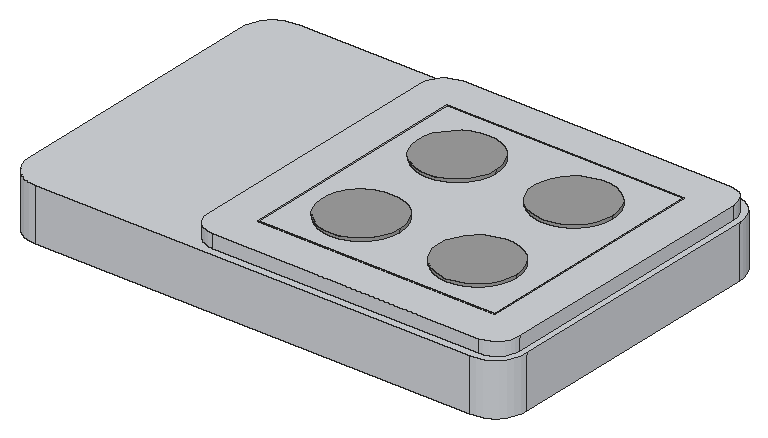
Revit family "Lighting-Industrial-GEWISS-SMART[4]HACCP_HIGHBAYS-LED_1M", category Apparecchi per illuminazione, Revit 2019
Family settings
  Quota connettore circolare = Usa diametro
  Tipo di parte = Normale
  Numero OmniClass = 23.80.00.00
  Titolo OmniClass = Electric Power and Lighting
  Basato su piano di lavoro = Sì
  Sempre verticale = No
  Taglio con vuoti quando caricato = No
  Sorgente d'illuminazione = No
  Condiviso = No
  Punto di calcolo locali = No
Parameters (values of type "GWS4120HQ857 - SMART4LB 1M ST.AL.ON/OFF HACCP ELL.57K")
  Wiring = "With GW connect watertight connector"
  Weight (kg): = "3,5"
  Warranty = "5 years"
  Voltaggio = 230 V
  Vetro acceso = Lampada accesa
  Version file RFA = "20.11"
  Unique digital code (Datamatrix) = "Datamatrix"
  Unified Glare Rating = "-"
  URL = "https://www.gewiss.com/ww/en"
  Type of light source = "LED - Not replaceable"
  Tilt- = "With bracket accessory"
  Technical sheet = "https://www.gewiss.com/ww/en/search?q=GWS4120HQ857"
  System power = "64W"
  Supply voltage = "220 - 240 V"
  Stocking temperature = "-40 +70 °C"
  Standards and approvals = "-"
  Standard- = "EN 60598-1 ; EN 60598-2-1 ; EN 60598-2-24"
  Standard Deviation Colour Matching = "SDCM = 3"
  Spostamento_Y_etichetta [instance] = 0 mm
  Spostamento_Y_effettivo_etichetta [instance] = 1500 mm - Spostamento_Y_etichetta  # 1500 mm
  Spostamento_X_etichetta [instance] = 0 mm
  Spostamento_X_effettivo_etichetta [instance] = 1500 mm - Spostamento_X_etichetta  # 1500 mm
  Shock resistance = "IK07"
  Shield type = "PMMA"
  SEO = "Low bay"
  Realized by GEWISS S.p.A. = ""
  Rated frequency (Hz) = "50/60 Hz"
  Produttore = "GEWISS S.p.A."
  Photobiological Risk Class = "RG0"
  Overvoltage protection = "DM 6 kV / CM 10 kV"
  Optic and illuminating features = "-"
  Optic Maintenance = "Non-replaceable"
  Optic : = "Metallic PC reflector and PMMA lenses"
  Optic = "Elliptical"
  Operating temperature : = "-30 +50 °C"
  Offset etichetta W [instance] = 120 mm
  Mouting and installation = "Ceiling - Wallmounting - Suspension"
  Modello = "GWS4120HQ857"
  Maximum surface exposed to the wind : = "0,097 m²"
  Materials = "-"
  Luminaire = "LED Industrial Reflector "
  Lumen output (lm) = "8200"
  Locking Hook = "-"
  Lifetime = "L90B10 (Tq+25°C) = 70.000 h - L90B10 (Tq+50°C) = 35.000 h"
  Lampada = "LED"
  LED Maintenance = "Non-replaceable"
  Insulation class = "I"
  Installationa and maintenance = "-"
  Immagine tipo = GWL1071.jpg
  IPEA = "-"
  IP degree = "IP65"
  IFC.TypeObject = ""
  IFC.ExportType = ""
  IFC.ExportAs = ""
  IDT = "8fe07a2459ab4c5aa29e4443c45cb0ac"
  IDF = "2cd222cb-74f5-4215-88ec-aa36ab53bbab"
  Glow Wire Test : = "650 °C"
  General information = "-"
  Gasket = "anti-aging silicone"
  Fixing = "-"
  External screw = "Stainless steel"
  Etichetta wattaggio [instance] = yes
  Default Elevation = 1219.2 mm
  Trasformatore = none
  Spessore plafoniera = 40 mm  # constant formula
  Proiettsmart [instance] = yes
  Raggio led = 30 mm  # constant formula
  Plafoniera = none
  Eletrical and lighting features = "-"
  Electrocod = "2444"
  Efficiency (lm/W) = "128"
  Driver Box = "Built-in"
  Driver = "Included"
  Device with reduced surface temperature = "Yes"
  Descrizione = "SMART[4]LB 1M ST.AL.ON/OFF HACCP ELL.57K"
  DIN 18032-3 certification = "-"
  Control System : = "ON / OFF"
  Control System = "ON / OFF"
  Context = "Lighting of logistical and industrial food productive premises"
  Commenti sul wattaggio = "50W"
  Colour temperature = "5700K"
  Colour : = "Grey RAL 7035"
  Colour = "Grey RAL 7035"
  Color Rendering Index = "CRI-80"
  Classificazione = Lighting
  Classification: = "-"
  Catalogue = "LIGHTING"
  Carico apparente = 50 VA
  Motore = none
  Lunghezza = 383 mm  # constant formula
  Larghezza = 253 mm  # constant formula
  Distanza tot_plafoniera = 74 mm  # constant formula
  Dettaglio bidimensionale attivo [instance] = not(Proiettsmart)  # no
  COBie.Tagnumber = ""
  COBie.CreatedOn = ""
  COBie.CreatebBy = ""
  COBie.ComponentRegisterItemID = ""
  COBie.Component.TagNumber = ""
  COBie.Component.Space = ""
  COBie.Component.SerialNumber = ""
  COBie.Component.InstallationDate = ""
  COBie.Component.Description = ""
  COBie.Component.BarCode = ""
  Body = "PA6 \"Halogen Free\" loaded fibreglass"
  Application = "Internal"
Types (12, lengths in mm): name | Unified Glare Rating | Technical sheet | SEO | Optic : | Optic | Modello | Lumen output (lm) | IDT | Efficiency (lm/W) | Descrizione | Context | Colour temperature
  GWS4120HA840 - SMART4LB 1M ST.AL.ON/OFF HACCP ARR.40K | "-" | "https://www.gewiss.com/ww/en/search?q=GWS4120HA840" | "" | "Metallized polycarbonate reflector" | "Array" | "GWS4120HA840" | "9200" | "64779c1a353844fa85b21fcfd2d3ad69" | "144" | "SMART[4]LB 1M ST.AL.ON/OFF HACCP ARR.40K" | "Logistics and industrial manufacturing lighting" | "4000K"
  GWS4120HA857 - SMART4LB 1M ST.AL.ON/OFF HACCP ARR.57K | "-" | "https://www.gewiss.com/ww/en/search?q=GWS4120HA857" | "" | "Metallized polycarbonate reflector" | "Array" | "GWS4120HA857" | "9200" | "d2e9b46c7df5434c9dcbc8e9d3e292f7" | "144" | "SMART[4]LB 1M ST.AL.ON/OFF HACCP ARR.57K" | "Lighting of logistical and industrial food productive premises" | "5700K"
  GWS4120HC840 - SMART4LB 1M ST.AL.ON/OFF HACCP ASI.40K | "-" | "https://www.gewiss.com/ww/en/search?q=GWS4120HC840" | "Low bay" | "Metallic PC reflector and PMMA lenses" | "Asymmetrical" | "GWS4120HC840" | "8200" | "cc3803c253e94be79c33c41beae386f9" | "128" | "SMART[4]LB 1M ST.AL.ON/OFF HACCP ASI.40K" | "Lighting of logistical and industrial food productive premises" | "4000K"
  GWS4120HC857 - SMART4LB 1M ST.AL.ON/OFF HACCP ASI.57K | "-" | "https://www.gewiss.com/ww/en/search?q=GWS4120HC857" | "Low bay" | "Metallic PC reflector and PMMA lenses" | "Asymmetrical" | "GWS4120HC857" | "8200" | "51095ef6f3c245ecbce13db46b082a12" | "128" | "SMART[4]LB 1M ST.AL.ON/OFF HACCP ASI.57K" | "Lighting of logistical and industrial food productive premises" | "5700K"
  GWS4120HF840 - SMART4LB 1M ST.AL.ON/OFF HACCP 30° 40K | "UGR - 22" | "https://www.gewiss.com/ww/en/search?q=GWS4120HF840" | "" | "Metallic PC reflector and PMMA lenses" | "30°" | "GWS4120HF840" | "9000" | "7448575afc6e413d8b3729eab335b15d" | "141" | "SMART[4]LB 1M ST.AL.ON/OFF HACCP 30° 40K" | "Lighting of logistical and industrial food productive premises" | "4000K"
  GWS4120HF857 - SMART4LB 1M ST.AL.ON/OFF HACCP 30° 57K | "UGR - 22" | "https://www.gewiss.com/ww/en/search?q=GWS4120HF857" | "" | "Metallic PC reflector and PMMA lenses" | "30°" | "GWS4120HF857" | "9000" | "b40cf41466b7435fa95f6d480f5897f1" | "141" | "SMART[4]LB 1M ST.AL.ON/OFF HACCP 30° 57K" | "Lighting of logistical and industrial food productive premises" | "5700K"
  GWS4120HH840 - SMART4LB 1M ST.AL.ON/OFF HACCP 60° 40K | "UGR - 25" | "https://www.gewiss.com/ww/en/search?q=GWS4120HH840" | "" | "Metallic PC reflector and PMMA lenses" | "60°" | "GWS4120HH840" | "9200" | "d113adf619a946149ce800923951d6e5" | "144" | "SMART[4]LB 1M ST.AL.ON/OFF HACCP 60° 40K" | "Lighting of logistical and industrial food productive premises" | "4000K"
  GWS4120HH857 - SMART4LB 1M ST.AL.ON/OFF HACCP 60° 57K | "UGR - 25" | "https://www.gewiss.com/ww/en/search?q=GWS4120HH857" | "" | "Metallic PC reflector and PMMA lenses" | "60°" | "GWS4120HH857" | "9200" | "529d36e3122c4a2bafa9e49a5362ab10" | "144" | "SMART[4]LB 1M ST.AL.ON/OFF HACCP 60° 57K" | "Lighting of logistical and industrial food productive premises" | "5700K"
  GWS4120HP840 - SMART4LB 1M ST.AL.ON/OFF HACCP 90° 40K | "UGR - 25" | "https://www.gewiss.com/ww/en/search?q=GWS4120HP840" | "" | "Metallic PC reflector and PMMA lenses" | "90°" | "GWS4120HP840" | "9200" | "3b5550c560804356a5ccbaa816da70c1" | "144" | "SMART[4]LB 1M ST.AL.ON/OFF HACCP 90° 40K" | "Lighting of logistical and industrial food productive premises" | "4000K"
  GWS4120HP857 - SMART4LB 1M ST.AL.ON/OFF HACCP 90° 57K | "UGR - 25" | "https://www.gewiss.com/ww/en/search?q=GWS4120HP857" | "" | "Metallic PC reflector and PMMA lenses" | "90°" | "GWS4120HP857" | "9200" | "f04bef9c87ae445cabaf5588a78d1b02" | "144" | "SMART[4]LB 1M ST.AL.ON/OFF HACCP 90° 57K" | "Lighting of logistical and industrial food productive premises" | "5700K"
  GWS4120HQ840 - SMART4LB 1M ST.AL.ON/OFF HACCP ELL.40K | "-" | "https://www.gewiss.com/ww/en/search?q=GWS4120HQ840" | "Low bay" | "Metallic PC reflector and PMMA lenses" | "Elliptical" | "GWS4120HQ840" | "8200" | "364ccec2db3b4a31bb7c3fb52bb25248" | "128" | "SMART[4]LB 1M ST.AL.ON/OFF HACCP ELL.40K" | "Lighting of logistical and industrial food productive premises" | "4000K"
  GWS4120HQ857 - SMART4LB 1M ST.AL.ON/OFF HACCP ELL.57K | "-" | "https://www.gewiss.com/ww/en/search?q=GWS4120HQ857" | "Low bay" | "Metallic PC reflector and PMMA lenses" | "Elliptical" | "GWS4120HQ857" | "8200" | "8fe07a2459ab4c5aa29e4443c45cb0ac" | "128" | "SMART[4]LB 1M ST.AL.ON/OFF HACCP ELL.57K" | "Lighting of logistical and industrial food productive premises" | "5700K"
Reference planes
  plane 1 "Centro (Fronte/Retro)": y = 0
  plane 2: z = 0
  plane 3 "Centro (Sinistra/Destra)": x = 0
  plane 4: x = -191.5
  plane 5: y = 126.5
  plane 6: x = 191.5
  plane 7: y = -126.5
  plane 8: z = -74
  plane 9: x = -175.5
  plane 10: y = -110.5
  plane 11: y = 110.5
  plane 12: x = -60.5
  plane 13: y = 121.5
  plane 14: x = 186.5
  plane 15: y = -120
  plane 16: z = 74
  plane 17: z = 84
  plane 18: z = 86
  plane 19: x = -1500
  plane 20: y = -1500
  plane 21: x = 0
  plane 22: y = 0
Dimensions and locks
  equal spacing: plane 5, plane 1 "Centro (Fronte/Retro)", plane 7
  equal spacing: plane 4, plane 3 "Centro (Sinistra/Destra)", plane 6
  "Lunghezza": plane 4 to plane 6
  "Larghezza": plane 5 to plane 7
  locked: plane 14 to plane 6 at 5
  locked: plane 5 to plane 13 at 5
  nested 3 to plane 8 = 133.058 mm
  locked: plane 4 to plane 9 at 16
  "Offset etichetta W": plane 1 "Centro (Fronte/Retro)" to plane 15
  "Distanza tot_plafoniera": plane 16 to level
  locked: plane 18 to plane 17 at 2
  plane 19 to plane 3 "Centro (Sinistra/Destra)" = 1500 mm
  plane 1 "Centro (Fronte/Retro)" to plane 20 = 1500 mm
  "Spostamento_Y_effettivo_etichetta": plane 22 to plane 20
  "Spostamento_X_effettivo_etichetta": plane 19 to plane 21
  aligned and locked: level to plane 2
  aligned and locked: plane 4 to nested 1
  aligned and locked: plane 6 to nested 1
  aligned and locked: plane 5 to nested 1
  aligned and locked: plane 7 to nested 1
  aligned and locked: plane 14 to nested 2
  aligned and locked: plane 1 "Centro (Fronte/Retro)" to nested 10
  aligned and locked: nested 3 to plane 2
  aligned and locked: plane 16 to nested 1
  aligned and locked: plane 1 "Centro (Fronte/Retro)" to nested 8
  aligned and locked: plane 1 "Centro (Fronte/Retro)" to nested 1
  aligned and locked: plane 1 "Centro (Fronte/Retro)" to nested 2
  aligned and locked: nested 2 to plane 16
  aligned and locked: nested 4 to plane 18
  aligned and locked: plane 18 to nested 6
  aligned and locked: nested 7 to plane 18
  aligned and locked: plane 18 to nested 5
  aligned and locked: nested 9 to plane 22
  aligned and locked: plane 21 to nested 9
Nested families
  nested 1: "Struttura_SMART[4] LB - 2+2 L" at (0, 0, 74), type "SMART Lab (4) 4L"
  nested 2: "mascherina_SMART (4)" at (66.5, 0, 84), type "Maschera_smart (4) 4L", detail levels medium+fine
  nested 3: "Staffa SMART LAB 4" at (65, -20, 59.058) x (0, 1, 0) z (0, 0, -1), type "Staffa SMART LAB 4", detail levels medium+fine
  nested 4: "Gewis - Led" at (20.25, 44.75, 86), type "Gewis - Led", detail levels fine
  nested 5: "Gewis - Led" at (109.75, 44.75, 86) x (-1, 0, 0) z (0, 0, 1), type "Gewis - Led", detail levels fine
  nested 6: "Gewis - Led" at (20.25, -47.75, 86), type "Gewis - Led", detail levels fine
  nested 7: "Gewis - Led" at (109.75, -47.75, 86) x (-1, 0, 0) z (0, 0, 1), type "Gewis - Led", detail levels fine
  nested 8: "Rappr_bidimensionale_SMART[4] LB 4L" at (40, 0, 0), visible <- "Dettaglio bidimensionale attivo", type "SMART[4] LB 4L_bidimensionalerfa"
  nested 9: "ETICHETTA LIGHT" at (0, 0, 0), visible <- "Etichetta wattaggio", type "ETICHETTA LIGHT"
  nested 10: "PROIETTSMART " at (-32.162, 0, 0), visible <- "Proiettsmart", type "PROIETTSMART "
Connectors
  electrical at (0.009, -0.098, 34), driven by "Classificazione", driven by "Carico apparente"
    settings: on nested 1, index 1, voltage 230 V, apparent load 0 VA, apparent load phase1 50 VA, apparent load phase2 0 VA, apparent load phase3 0 VA, power factor 1, load classification "Lighting", number of poles 2, system type 31, power factor state 1, is connector primary yes, connector utility no, sub classification motor no, connector description ""
Definition of nested family "Struttura_SMART[4] LB - 2+2 L"
  Parameters (values of type "SMART Lab (4) 4L")
    Struttura plafoniera = none
    Spessore_plafoniera = 40 mm
    Lunghezza = 383 mm
    Larghezza = 253 mm
  Reference planes
    plane 1 "Asse sorgente illuminazione (F/B)": y = 0
    plane 2: z = 0
    plane 3 "Asse sorgente illuminazione (L/R)": x = 0
    plane 4 "Prospetto sorgente di illuminazione": z = -40
    plane 5 "SX": x = -191.5
    plane 6 "DX": x = 191.5
    plane 7 "DIETRO": y = 126.5
    plane 8 "AVANTI": y = -126.5
    plane 9: x = -51.5
    plane 10: x = 180.5
    plane 11: y = -115.5
    plane 12: y = 115.5
    plane 13: x = -180.5
    plane 14: x = 51.5
  Forms (mm)
    Extrusion 1, solid, material <- "Struttura plafoniera"
      sketch origin (0, 0, 0) x (1, 0, 0) y (0, 1, 0)
        loop
          line (191.5, -102.095) -> (191.5, 102.09)
          arc (191.5, 102.09) -> (184.35, 119.35) -> (167.09, 126.5) r 24.41
          line (167.09, 126.5) -> (-167.009, 126.5)
          arc (-167.009, 126.5) -> (-184.554, 119.1) -> (-191.5, 101.371) r 24.499
          line (-191.5, 101.371) -> (-191.5, -102.092)
          arc (-191.5, -102.092) -> (-184.351, -119.351) -> (-167.092, -126.5) r 24.408
          line (-167.092, -126.5) -> (167.117, -126.5)
          arc (167.117, -126.5) -> (184.334, -119.368) -> (191.465, -102.152) r 24.348
      from -40 to 0
  Dimensions and locks
    equal spacing: plane 5 "SX", plane 3 "Asse sorgente illuminazione (L/R)", plane 6 "DX"
    equal spacing: plane 7 "DIETRO", plane 1 "Asse sorgente illuminazione (F/B)", plane 8 "AVANTI"
    "Lunghezza": plane 5 "SX" to plane 6 "DX"
    "Larghezza": plane 7 "DIETRO" to plane 8 "AVANTI"
    locked: plane 7 "DIETRO" to plane 12 at 11
    locked: plane 11 to plane 8 "AVANTI" at 11
    locked: plane 10 to plane 6 "DX" at 11
    locked: plane 9 to plane 10 at 232
    plane 13 to plane 14 = 232 mm
    locked: plane 5 "SX" to plane 13 at 11
    "Spessore_plafoniera": plane 2 to plane 4 "Prospetto sorgente di illuminazione"
    aligned and locked: level to plane 2
    aligned and locked: Extrusion 1 to plane 5 "SX"
    aligned and locked: Extrusion 1 to plane 8 "AVANTI"  (x2)
    aligned and locked: plane 7 "DIETRO" to Extrusion 1
    aligned and locked: plane 6 "DX" to Extrusion 1
    aligned and locked: plane 4 "Prospetto sorgente di illuminazione" to Extrusion 1
    aligned and locked: plane 2 to Extrusion 1
  Automatic sketch dimensions
    Extrusion 1 sketch curve to plane 5 "SX" = 0 mm
    Extrusion 1 sketch curve to plane 8 "AVANTI" = 0 mm
    Extrusion 1 sketch curve to plane 7 "DIETRO" = 0 mm
    Extrusion 1 sketch curve to plane 6 "DX" = 0 mm
    plane 13 to Extrusion 1 sketch curve = 13.408 mm
    plane 13 to Extrusion 1 sketch curve = 13.491 mm
    Extrusion 1 sketch curve to plane 10 = 13.41 mm
    Extrusion 1 sketch curve to plane 10 = 13.383 mm
    plane 11 to Extrusion 1 sketch curve = 13.348 mm
    Extrusion 1 sketch curve to plane 12 = 14.129 mm
    Extrusion 1 sketch curve to Extrusion 1 sketch curve = 0.056 mm
Definition of nested family "mascherina_SMART (4)"
  Parameters (values of type "Maschera_smart (4) 4L")
    Spessore_mascherina = 10 mm
    Default Elevation = 1219.2 mm
    N.intarsi = (Lunghezza_mascherina - (Bordo * 2)) / 15 mm  # 12
    N._intarsi verticale = (Larghezza_mascherina - (Bordo * 2)) / 17 mm  # 11
    Mascherina = none
    Lunghezza_mascherina = 240 mm
    Larghezza_mascherina = 240 mm
    Distanza_intarsi v. = 41 mm  # constant formula
    Distanza_intarsi = 37 mm  # constant formula
    Bordo = 29 mm
  Reference planes
    plane 1 "Centro (Fronte/Retro)": y = 0
    plane 2: z = 0
    plane 3 "Centro (Sinistra/Destra)": x = 0
    plane 4: x = -120
    plane 5 "Dietro": y = 120
    plane 6: x = 120
    plane 7: y = -120
    plane 8: x = -91
    plane 9: y = -91
    plane 10: x = 91
    plane 11: y = 91
    plane 12: x = -83
    plane 13: y = 94.742
    plane 14: y = -95
    plane 15: z = -10
    plane 16: x = -95
    plane 17: y = 79
    plane 18: y = -79
    plane 19: x = 95
    plane 20: z = -4.799
  Forms (mm)
    Extrusion 1, solid, material <- "Mascherina"
      sketch origin (0, 0, 0) x (1, 0, 0) y (0, 1, 0)
        loop
          arc (-102.5, 120) -> (-114.874, 114.874) -> (-120, 102.5) r 17.5
          line (-120, 102.5) -> (-120, -102.5)
          arc (-120, -102.5) -> (-114.874, -114.874) -> (-102.5, -120) r 17.5
          line (-102.5, -120) -> (102.5, -120)
          arc (102.5, -120) -> (114.874, -114.874) -> (120, -102.5) r 17.5
          line (120, -102.5) -> (120, 102.5)
          arc (120, 102.5) -> (114.874, 114.874) -> (102.5, 120) r 17.5
          line (102.5, 120) -> (-102.5, 120)
        loop
          line (-91, 91) -> (-91, -91) -> (91, -91) -> (91, 91) -> (-91, 91)
      from -10 to 0
    Extrusion 2, solid, material <- "Mascherina"
      sketch origin (0, 0, 0) x (1, 0, 0) y (0, 1, 0)
        loop
          line (-91, 91) -> (-91, -91) -> (91, -91) -> (91, 91) -> (-91, 91)
      from -4.799 to 0
  Dimensions and locks
    equal spacing: plane 4, plane 3 "Centro (Sinistra/Destra)", plane 6
    "Lunghezza_mascherina": plane 4 to plane 6
    equal spacing: plane 5 "Dietro", plane 1 "Centro (Fronte/Retro)", plane 7
    "Larghezza_mascherina": plane 5 "Dietro" to plane 7
    "Bordo": plane 4 to plane 8
    "Bordo": plane 9 to plane 7
    "Bordo": plane 5 "Dietro" to plane 11
    "Bordo": plane 10 to plane 6
    "Distanza_intarsi": plane 4 to plane 12
    locked: plane 13 to plane 11 at 3.742
    "Spessore_mascherina": plane 2 to plane 15
    "Distanza_intarsi v.": plane 5 "Dietro" to plane 17
    "Distanza_intarsi v.": plane 18 to plane 7
    locked: plane 9 to plane 14 at 4
    locked: plane 16 to plane 8 at 4
    locked: plane 10 to plane 19 at 4
    locked: plane 2 to plane 20 at 4.799
    radius of Extrusion 1 sketch curve = 17.5 mm  (x4)
    aligned and locked: level to plane 2
    aligned and locked: plane 4 to Extrusion 1 sketch curve
    aligned and locked: plane 6 to Extrusion 1 sketch curve
    aligned and locked: Extrusion 1 sketch curve to plane 5 "Dietro"
    aligned and locked: Extrusion 1 sketch curve to plane 7
    aligned and locked: Extrusion 1 sketch curve to plane 11
    aligned and locked: plane 8 to Extrusion 1 sketch curve
    aligned and locked: plane 9 to Extrusion 1 sketch curve
    aligned and locked: Extrusion 1 sketch curve to plane 10
    aligned and locked: plane 2 to Extrusion 1
    aligned and locked: Extrusion 1 to plane 15
    aligned and locked: Extrusion 2 sketch curve to plane 10
    aligned and locked: plane 9 to Extrusion 2 sketch curve
    aligned and locked: plane 8 to Extrusion 2 sketch curve
    aligned and locked: Extrusion 2 sketch curve to plane 11
    aligned and locked: plane 2 to Extrusion 2
    aligned and locked: Extrusion 2 to plane 20
Definition of nested family "Staffa SMART LAB 4"
  Parameters (values of type "Staffa SMART LAB 4")
    Staffa = none
    Default Elevation = 1219.2 mm
  Reference planes
    plane 1 "Centro (Fronte/Retro)": y = 0
    plane 2: z = 0
    plane 3 "Centro (Sinistra/Destra)": x = 0
    plane 4: y = 25
    plane 5: y = -25
    plane 6: x = -480
    plane 7: x = 480
    plane 8: z = 340
  Forms (mm)
    Extrusion 1, solid, material <- "Staffa"
      sketch origin (-19.427, 0, 0) x (1, 0, 0) y (0, 0, 1)
        loop
          line (-52.112, 0) -> (-51.312, 0) -> (-51.312, 5.038) -> (-51.312, 7.679) -> (-48.064, 11.553) -> (-48.309, 20.832)
          arc (-48.309, 20.832) -> (-48.108, 21.384) -> (-47.585, 21.651) r 0.801
          line (-47.585, 21.651) -> (-46.541, 21.744)
          arc (-46.541, 21.744) -> (-45.388, 22.346) -> (-44.998, 23.587) r 1.701
          line (-44.998, 23.587) -> (-45.225, 26.168) -> (-47.881, 28.39) -> (-47.881, 32.971) -> (-23.475, 58.058) -> (62.329, 58.058) -> (86.735, 32.971) -> (86.735, 28.39) -> (84.08, 26.168) -> (83.852, 23.587)
          arc (83.852, 23.587) -> (84.243, 22.346) -> (85.396, 21.744) r 1.701
          line (85.396, 21.744) -> (86.439, 21.651)
          arc (86.439, 21.651) -> (86.963, 21.384) -> (87.163, 20.832) r 0.801
          line (87.163, 20.832) -> (86.919, 11.553) -> (90.167, 7.679) -> (90.167, 5.038) -> (90.167, 0) -> (90.967, 0) -> (90.967, 5.038) -> (90.967, 7.979) -> (87.921, 11.618) -> (88.163, 20.806)
          arc (88.163, 20.806) -> (87.71, 22.048) -> (86.531, 22.647) r 1.801
          line (86.531, 22.647) -> (85.484, 22.74)
          arc (85.484, 22.74) -> (85.009, 22.988) -> (84.849, 23.499) r 0.701
          line (84.849, 23.499) -> (85.039, 25.667) -> (87.735, 27.923) -> (87.735, 32.876) -> (86.947, 34.187) -> (62.751, 59.058) -> (-23.897, 59.058) -> (-48.093, 34.187) -> (-48.881, 32.876) -> (-48.881, 27.923) -> (-46.185, 25.667) -> (-45.994, 23.499)
          arc (-45.994, 23.499) -> (-46.155, 22.988) -> (-46.63, 22.74) r 0.701
          line (-46.63, 22.74) -> (-47.676, 22.647)
          arc (-47.676, 22.647) -> (-48.856, 22.048) -> (-49.308, 20.806) r 1.801
          line (-49.308, 20.806) -> (-49.066, 11.618) -> (-52.112, 7.979) -> (-52.112, 5.038) -> (-52.112, 0)
      from -25 to 25
  Dimensions and locks
    equal spacing: plane 6, plane 3 "Centro (Sinistra/Destra)", plane 7
    equal spacing: plane 4, plane 1 "Centro (Fronte/Retro)", plane 5
    plane 4 to plane 5 = 50 mm
    plane 6 to plane 7 = 960 mm
    aligned and locked: level to plane 2
    aligned and locked: plane 4 to Extrusion 1
    aligned and locked: Extrusion 1 to plane 5
  Automatic sketch dimensions
    Extrusion 1 sketch curve to Extrusion 1 sketch curve = 0 mm  (x10)
    Extrusion 1 sketch curve to level = 0 mm  (x2)
    level to Extrusion 1 sketch curve = 5.038 mm
    Extrusion 1 sketch curve to plane 3 "Centro (Sinistra/Destra)" = 71.54 mm
    Extrusion 1 sketch curve to Extrusion 1 sketch curve = 0.8 mm  (x2)
    level to Extrusion 1 sketch curve = 20.806 mm  (x2)
    Extrusion 1 sketch curve to Extrusion 1 sketch curve = 2.804 mm
    level to Extrusion 1 sketch curve = 11.618 mm  (x2)
    Extrusion 1 sketch curve to Extrusion 1 sketch curve = 2.246 mm  (x2)
    Extrusion 1 sketch curve to Extrusion 1 sketch curve = 0.428 mm
    level to Extrusion 1 sketch curve = 20.832 mm  (x2)
    Extrusion 1 sketch curve to Extrusion 1 sketch curve = 1 mm  (x4)
    Extrusion 1 sketch curve to Extrusion 1 sketch curve = 0.788 mm
    level to Extrusion 1 sketch curve = 11.553 mm  (x2)
    Extrusion 1 sketch curve to Extrusion 1 sketch curve = 1.002 mm  (x2)
    level to Extrusion 1 sketch curve = 22.647 mm  (x2)
    Extrusion 1 sketch curve to Extrusion 1 sketch curve = 0.632 mm
    level to Extrusion 1 sketch curve = 21.651 mm  (x2)
    Extrusion 1 sketch curve to Extrusion 1 sketch curve = 0.092 mm  (x2)
    Extrusion 1 sketch curve to Extrusion 1 sketch curve = 0.984 mm
    level to Extrusion 1 sketch curve = 22.74 mm  (x2)
    Extrusion 1 sketch curve to Extrusion 1 sketch curve = 0.062 mm
    level to Extrusion 1 sketch curve = 21.744 mm  (x2)
    Extrusion 1 sketch curve to Extrusion 1 sketch curve = 0.088 mm
    Extrusion 1 sketch curve to Extrusion 1 sketch curve = 0.507 mm
    level to Extrusion 1 sketch curve = 23.499 mm  (x2)
    Extrusion 1 sketch curve to Extrusion 1 sketch curve = 0.698 mm  (x2)
    Extrusion 1 sketch curve to Extrusion 1 sketch curve = 0.96 mm  (x2)
    level to Extrusion 1 sketch curve = 23.587 mm  (x2)
    Extrusion 1 sketch curve to plane 3 "Centro (Sinistra/Destra)" = 43.324 mm
    Extrusion 1 sketch curve to Extrusion 1 sketch curve = 0.422 mm  (x2)
    plane 3 "Centro (Sinistra/Destra)" to Extrusion 1 sketch curve = 42.902 mm
    Extrusion 1 sketch curve to Extrusion 1 sketch curve = 21.523 mm
    level to Extrusion 1 sketch curve = 26.168 mm
    Extrusion 1 sketch curve to Extrusion 1 sketch curve = 0.227 mm
    Extrusion 1 sketch curve to Extrusion 1 sketch curve = 0.996 mm
    level to Extrusion 1 sketch curve = 25.667 mm
    Extrusion 1 sketch curve to Extrusion 1 sketch curve = 0.548 mm
    Extrusion 1 sketch curve to Extrusion 1 sketch curve = 0.966 mm
    Extrusion 1 sketch curve to Extrusion 1 sketch curve = 0.077 mm
    level to Extrusion 1 sketch curve = 28.39 mm
    Extrusion 1 sketch curve to Extrusion 1 sketch curve = 1.696 mm
    Extrusion 1 sketch curve to Extrusion 1 sketch curve = 0.557 mm
    level to Extrusion 1 sketch curve = 34.187 mm
    Extrusion 1 sketch curve to Extrusion 1 sketch curve = 0.212 mm
    Extrusion 1 sketch curve to Extrusion 1 sketch curve = 0.801 mm
    level to Extrusion 1 sketch curve = 7.679 mm
    Extrusion 1 sketch curve to Extrusion 1 sketch curve = 2.641 mm  (x2)
    Extrusion 1 sketch curve to Extrusion 1 sketch curve = 0.3 mm  (x2)
    Extrusion 1 sketch curve to Extrusion 1 sketch curve = 2.168 mm
    Extrusion 1 sketch curve to Extrusion 1 sketch curve = 0.501 mm
    Extrusion 1 sketch curve to Extrusion 1 sketch curve = 0.467 mm  (x2)
    Extrusion 1 sketch curve to Extrusion 1 sketch curve = 2.256 mm
    Extrusion 1 sketch curve to Extrusion 1 sketch curve = 4.486 mm
    Extrusion 1 sketch curve to Extrusion 1 sketch curve = 1.311 mm
    Extrusion 1 sketch curve to Extrusion 1 sketch curve = 0.095 mm  (x2)
    Extrusion 1 sketch curve to Extrusion 1 sketch curve = 1.216 mm
    Extrusion 1 sketch curve to Extrusion 1 sketch curve = 23.87 mm
Definition of nested family "Gewis - Led"
  Parameters (values of type "Gewis - Led")
    Vetro = none
    Raggio led = 30 mm
    Default Elevation = 1219.2 mm
    Estensione vetro = 3 mm
  Reference planes
    plane 1 "Centro (Fronte/Retro)": y = 0
    plane 2: z = 0
    plane 3 "Centro (Sinistra/Destra)": x = 0
  Forms (mm)
    Extrusion 1, solid, material <- "Vetro"
      sketch origin (0, 0, 0) x (1, 0, 0) y (0, 1, 0)
        loop
          circle (0, 0) r 30
      from -3 to 0
  Dimensions and locks
    "Estensione vetro": level to Extrusion 1
    "Raggio led": radius of Extrusion 1 sketch curve
    aligned and locked: level to plane 2
    aligned and locked: level to Extrusion 1
  Automatic sketch dimensions
    plane 1 "Centro (Fronte/Retro)" to Extrusion 1 sketch curve = 0 mm
    Extrusion 1 sketch curve to plane 3 "Centro (Sinistra/Destra)" = 0 mm
Definition of nested family "Rappr_bidimensionale_SMART[4] LB 4L"
  Reference planes
    plane 1 "Centro (Fronte/Retro)": y = 0
    plane 2: z = 0
    plane 3 "Centro (Sinistra/Destra)": x = 0
  Lines and regions (mm)
    model lines, in view "Livello rif."
      curve 1: circle (-20.568, 47.057, 0) r 28.619 normal (0, 0, 1)
      curve 2: circle (73.432, -46.943, 0) r 28.619 normal (0, 0, 1)
      curve 3: circle (-20.568, -46.943, 0) r 28.619 normal (0, 0, 1)
      curve 4: circle (73.432, 47.057, 0) r 28.619 normal (0, 0, 1)
      curve 5: arc (-93.068, -104.009, 0) -> (-88.529, -114.969, 0) -> (-77.568, -119.509, 0) r 15.5
      curve 6: arc (145.932, 103.991, 0) -> (141.392, 114.952, 0) -> (130.432, 119.491, 0) r 15.5
      curve 7: arc (-77.568, 119.491, 0) -> (-88.529, 114.952, 0) -> (-93.068, 103.991, 0) r 15.5
      curve 8: arc (130.432, -119.509, 0) -> (141.392, -114.969, 0) -> (145.932, -104.009, 0) r 15.5
      curve 9: arc (152.721, 103.991, 0) -> (146.196, 119.749, 0) -> (130.441, 126.281, 0) r 22.29
      curve 10: arc (130.443, -126.298, 0) -> (146.197, -119.766, 0) -> (152.721, -104.009, 0) r 22.29
      curve 11: arc (-230.358, -108, 0) -> (-225, -120.942, 0) -> (-212.058, -126.298, 0) r 18.29
      curve 12: arc (-212.077, 126.281, 0) -> (-225.001, 120.924, 0) -> (-230.358, 108, 0) r 18.29
      curve 13: line (-66.068, -92.509, 0) -> (-66.068, 92.491, 0)
      curve 14: line (-66.068, 92.491, 0) -> (118.932, 92.491, 0)
      curve 15: line (118.932, 92.491, 0) -> (118.932, -92.509, 0)
      curve 16: line (118.932, -92.509, 0) -> (-66.068, -92.509, 0)
      curve 17: line (-77.568, -119.509, 0) -> (130.432, -119.509, 0)
      curve 18: line (-77.568, 119.491, 0) -> (130.432, 119.491, 0)
      curve 19: line (-93.068, 103.991, 0) -> (-93.068, -104.009, 0)
      curve 20: line (145.932, 103.991, 0) -> (145.932, -104.009, 0)
      curve 21: line (-212.077, 126.281, 0) -> (130.441, 126.281, 0)
      curve 22: line (152.721, 103.991, 0) -> (152.721, -104.009, 0)
      curve 23: line (130.443, -126.298, 0) -> (-212.058, -126.298, 0)
      curve 24: line (-230.358, -108, 0) -> (-230.358, 108, 0)
Definition of nested family "ETICHETTA LIGHT"
  Parameters (values of type "ETICHETTA LIGHT")
    COMMENTI = "53W"
  Reference planes
    plane 1: y = 0
    plane 2: x = 0
  Text (mm)
    label "COMMENTI" at (-0.057, 0.105, 0), shows "COMMENTI"
Definition of nested family "PROIETTSMART "
  Reference planes
    plane 1 "Centro (Fronte/Retro)": y = 0
    plane 2: z = 0
    plane 3 "Centro (Sinistra/Destra)": x = 0
  Lines and regions (mm)
    model lines, in view "Livello rif."
      curve 1: line (120.593, -21.515, 0) -> (77.393, -0.008, 0)
      curve 2: line (77.393, -0.008, 0) -> (120.593, 21.758, 0)
      curve 3: line (120.593, 21.758, 0) -> (120.593, -21.515, 0)
      curve 4: line (77.393, 21.629, 0) -> (77.393, -21.645, 0)
      curve 5: line (77.393, -0.008, 0) -> (52.133, -0.008, 0)
      curve 6: line (120.593, 0.122, 0) -> (139.246, 0.122, 0)
      curve 7: line (162.162, 66.747, 0) -> (162.162, -66.747, 0)
      curve 8: line (162.162, -66.747, 0) -> (-97.838, -66.747, 0)
      curve 9: line (-97.838, -66.747, 0) -> (-97.838, 66.747, 0)
      curve 10: line (-97.838, 66.747, 0) -> (162.162, 66.747, 0)
      curve 11: line (45.772, 49.667, 0) -> (145.121, 49.667, 0)
      curve 12: line (145.121, 49.667, 0) -> (145.121, -49.683, 0)
      curve 13: line (145.121, -49.683, 0) -> (45.772, -49.683, 0)
      curve 14: line (45.772, -49.683, 0) -> (45.772, 49.667, 0)
